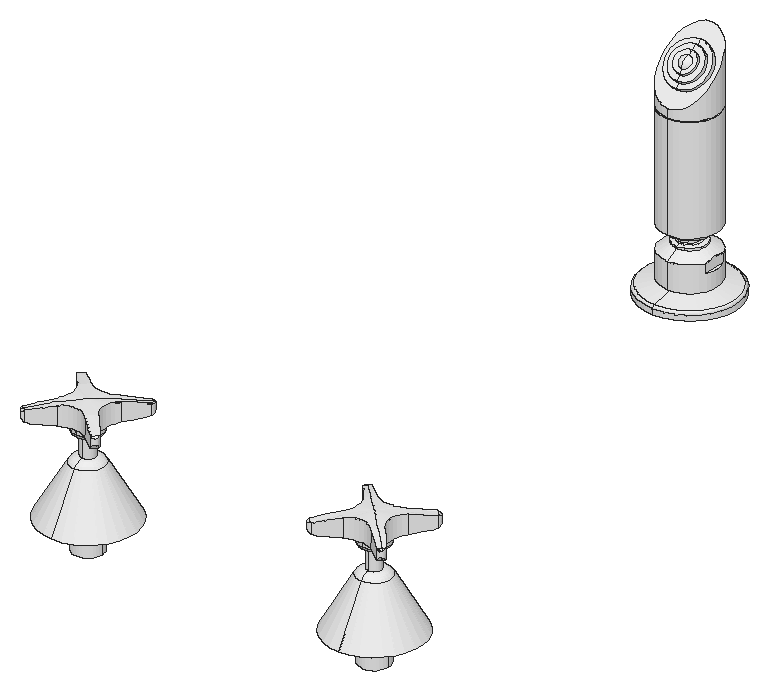
Revit family "Tap-Shower Set-Caroma Elegance II2", category Plumbing Fixtures, host Face, Revit 2013
Parameters (values of type "Standard")
  Waste Connection = no
  Vent Connection = no
  URL = "http://www.caroma.com.au/"
  Type Comments = "Caroma Elegance II Shower Set"  # constant formula
  Model = "631174C3A"  # constant formula
  Material_ANZRS = Metal-Chrome-Caroma
  Manufacturer = "GWA Bathrooms & Kitchens"  # constant formula
  HWFU = 2  # constant formula
  HW Connection = yes
  Description = "WELS 3 Star rated, 9L/min"  # constant formula
  Default Elevation = 1800 mm
  CreatedBy_ANZRS = "Design Content"  # constant formula
  CreatedByURL_ANZRS = "www.designcontent.com.au"
  Cost = 0
  Connector Radius = 10 mm
  CWFU = 2  # constant formula
  CW Connection = yes
  Assembly Code = "C1030210"
Reference planes
  plane 1 "Center (Front/Back)": y = 0
  plane 2: z = 0
  plane 3 "Center (Left/Right)": x = 0
  plane 4 "Hot": x = -100
  plane 5 "Cold": x = 100
  plane 6 "Head": y = 400
Forms (mm)
  Extrusion 1, solid, material "Metal-Chrome-Caroma" <- "Material_ANZRS"
    sketch origin (-50, 0, 0) x (1, 0, 0) y (0, 1, 0)
      loop
        circle (-50, 0) r 10
    from -20 to 0
  Extrusion 2, solid, material "Metal-Chrome-Caroma" <- "Material_ANZRS"
    sketch origin (50, 0, 0) x (-1, 0, 0) y (0, -1, 0)
      loop
        circle (-50, 0) r 10
    from -20 to 0
  Revolve 3, solid, material "Metal-Chrome-Caroma" <- "Material_ANZRS"
    sketch origin (-100, -22.904, 1219.2) x (0, 1, 0) y (0, 0, 1)
      loop
        line (22.904, -1219.2) -> (54.307, -1219.2) -> (34.094, -1184.19)
        arc (34.094, -1184.19) -> (31.375, -1181.389) -> (27.654, -1180.211) r 7.986
        line (27.654, -1180.211) -> (27.654, -1165.231) -> (31.393, -1165.231)
        arc (31.393, -1165.231) -> (32.415, -1164.828) -> (32.889, -1163.837) r 1.499
        line (32.889, -1163.837) -> (33.441, -1155.935) -> (22.904, -1155.935) -> (22.904, -1219.2)
      axis (22.904, -1219.2) -> (22.904, -1155.935)
    angle from 0 to 360
  Revolve 4, solid, material "Metal-Chrome-Caroma" <- "Material_ANZRS"
    sketch origin (100, 30, 1219.2) x (0, 1, 0) y (0, 0, 1)
      loop
        line (-30, -1219.2) -> (1.404, -1219.2) -> (-18.809, -1184.19)
        arc (-18.809, -1184.19) -> (-21.528, -1181.389) -> (-25.25, -1180.211) r 7.986
        line (-25.25, -1180.211) -> (-25.25, -1165.231) -> (-21.511, -1165.231)
        arc (-21.511, -1165.231) -> (-20.488, -1164.828) -> (-20.015, -1163.837) r 1.499
        line (-20.015, -1163.837) -> (-19.462, -1155.935) -> (-30, -1155.935) -> (-30, -1219.2)
      axis (-30, -1219.2) -> (-30, -1155.935)
    angle from 0 to 360
  Revolve 5, solid, material "Metal-Chrome-Caroma" <- "Material_ANZRS"
    sketch origin (-50, 50, 7.5) x (-0.707107, -0.707107, 0) y (0, 0, 1)
      loop
        line (70.711, 50.608) -> (70.711, 66.5)
        arc (70.711, 66.5) -> (52.897, 65.564) -> (35.28, 62.767) r 170
        arc (35.28, 62.767) -> (33.687, 61.728) -> (33.203, 59.889) r 2.645
        arc (33.203, 59.889) -> (34.913, 56.303) -> (38.48, 54.551) r 6.049
        line (38.48, 54.551) -> (70.711, 50.608)
      axis (70.711, 50.608) -> (70.711, 66.5)
    angle from 0 to 360
  Extrusion 6, void
    sketch origin (0, 0, 0) x (1, 0, 0) y (0, 1, 0)
      loop
        line (-122.824, -26.357) -> (-109.787, -15.133)
        arc (-109.787, -15.133) -> (-100, -11.5) -> (-90.213, -15.133) r 15
        line (-90.213, -15.133) -> (-77.176, -26.357)
        arc (-77.176, -26.357) -> (-73.77, -26.23) -> (-73.643, -22.824) r 2.505
        line (-73.643, -22.824) -> (-84.867, -9.787)
        arc (-84.867, -9.787) -> (-88.5, 0) -> (-84.867, 9.787) r 15
        line (-84.867, 9.787) -> (-73.643, 22.824)
        arc (-73.643, 22.824) -> (-73.77, 26.23) -> (-77.176, 26.357) r 2.505
        line (-77.176, 26.357) -> (-90.213, 15.133)
        arc (-90.213, 15.133) -> (-100, 11.5) -> (-109.787, 15.133) r 15
        line (-109.787, 15.133) -> (-122.824, 26.357)
        arc (-122.824, 26.357) -> (-126.23, 26.23) -> (-126.357, 22.824) r 2.505
        line (-126.357, 22.824) -> (-115.133, 9.787)
        arc (-115.133, 9.787) -> (-111.5, 0) -> (-115.133, -9.787) r 15
        line (-115.133, -9.787) -> (-126.357, -22.824)
        arc (-126.357, -22.824) -> (-126.23, -26.23) -> (-122.824, -26.357) r 2.505
      loop
        circle (-100, 0) r 44.623
      loop
        arc (122.824, -26.357) -> (126.23, -26.23) -> (126.357, -22.824) r 2.505
        line (126.357, -22.824) -> (115.133, -9.787)
        arc (115.133, -9.787) -> (111.5, 0) -> (115.133, 9.787) r 15
        line (115.133, 9.787) -> (126.357, 22.824)
        arc (126.357, 22.824) -> (126.23, 26.23) -> (122.824, 26.357) r 2.505
        line (122.824, 26.357) -> (109.787, 15.133)
        arc (109.787, 15.133) -> (100, 11.5) -> (90.213, 15.133) r 15
        line (90.213, 15.133) -> (77.176, 26.357)
        arc (77.176, 26.357) -> (73.77, 26.23) -> (73.643, 22.824) r 2.505
        line (73.643, 22.824) -> (84.867, 9.787)
        arc (84.867, 9.787) -> (88.5, 0) -> (84.867, -9.787) r 15
        line (84.867, -9.787) -> (73.643, -22.824)
        arc (73.643, -22.824) -> (73.77, -26.23) -> (77.176, -26.357) r 2.505
        line (77.176, -26.357) -> (90.213, -15.133)
        arc (90.213, -15.133) -> (100, -11.5) -> (109.787, -15.133) r 15
        line (109.787, -15.133) -> (122.824, -26.357)
      loop
        circle (100, 0) r 44.623
    from 50 to 100
  Revolve 7, solid, material "Metal-Chrome-Caroma" <- "Material_ANZRS"
    sketch origin (50, 50, 7.5) x (0.707107, -0.707107, 0) y (0, 0, -1)
      loop
        line (70.711, -50.608) -> (38.48, -54.551)
        arc (38.48, -54.551) -> (34.913, -56.303) -> (33.203, -59.889) r 6.049
        arc (33.203, -59.889) -> (33.687, -61.728) -> (35.28, -62.767) r 2.645
        arc (35.28, -62.767) -> (52.897, -65.564) -> (70.711, -66.5) r 170
        line (70.711, -66.5) -> (70.711, -50.608)
      axis (70.711, -50.608) -> (70.711, -66.5)
    angle from 0 to 360
  Revolve 8, solid, material "Metal-Chrome-Caroma" <- "Material_ANZRS"
    sketch origin (0, 0, 0) x (0, 1, 0) y (0, 0, 1)
      loop
        line (400, 0) -> (431.981, 0) -> (431.981, 3.581)
        arc (431.981, 3.581) -> (431.607, 4.744) -> (430.625, 5.471) r 1.994
        arc (430.625, 5.471) -> (420.817, 8.238) -> (410.779, 10) r 100.701
        line (410.779, 10) -> (418.975, 10) -> (418.975, 27.675) -> (410.956, 32.305) -> (410.956, 33.5) -> (408.253, 34.224)
        arc (408.253, 34.224) -> (407.703, 34.592) -> (407.49, 35.219) r 1.03
        line (407.49, 35.219) -> (407.49, 36.756)
        arc (407.49, 36.756) -> (407.596, 37.209) -> (407.893, 37.569) r 1.023
        arc (407.893, 37.569) -> (409.627, 39.157) -> (411.048, 41.03) r 13.067
        line (411.048, 41.03) -> (414.5, 41.03) -> (415.478, 41.595)
        arc (415.478, 41.595) -> (415.86, 41.977) -> (416, 42.498) r 1.043
        line (416, 42.498) -> (416, 44.03) -> (418.975, 44.03) -> (418.975, 116.638) -> (417.975, 116.638) -> (417.975, 117.638) -> (419, 117.638) -> (419, 165) -> (400, 165) -> (400, 0)
      axis (400, 0) -> (400, 165)
    angle from 0 to 360
  Extrusion 9, void
    sketch origin (0, 0, 0) x (0, 1, 0) y (0, 0, 1)
      loop
        line (425.989, 168.019) -> (375.989, 168.019) -> (375.989, 118.019) -> (425.989, 168.019)
    from -100 to 100
  Extrusion 10, void
    sketch origin (0, 400, 0) x (-1, 0, 0) y (0, 0, 1)
      loop
        line (20.187, 20.8) -> (20.187, 29.447) -> (17.231, 29.447) -> (17.231, 21.8)
        arc (17.231, 21.8) -> (17.524, 21.093) -> (18.231, 20.8) r 1
        line (18.231, 20.8) -> (20.187, 20.8)
      loop
        line (-20.187, 20.8) -> (-18.231, 20.8)
        arc (-18.231, 20.8) -> (-17.524, 21.093) -> (-17.231, 21.8) r 1
        line (-17.231, 21.8) -> (-17.231, 29.447) -> (-20.187, 29.447) -> (-20.187, 20.8)
    from -50 to 50
  Revolve 11, solid, material "Metal-Chrome-Caroma" <- "Material_ANZRS", detail levels fine
    sketch origin (0, 0, 0) x (0, 1, 0) y (0, 0, 1)
      loop
        line (400.018, 142.048) -> (410.805, 152.835) -> (409.391, 154.249) -> (406.737, 151.596) -> (405.323, 153.01) -> (402.491, 150.178) -> (401.429, 151.24) -> (399.12, 148.931)
        arc (399.12, 148.931) -> (396.754, 148.611) -> (394.741, 147.326) r 5.544
        line (394.741, 147.326) -> (400.018, 142.048)
      axis (400.018, 142.048) -> (394.741, 147.326)
    angle from 0 to 360
Cuts and joins
  Extrusion 6 cuts Revolve 5
  Extrusion 6 cuts Revolve 7
  joined: Revolve 3, Revolve 4, Revolve 5, Revolve 7
  Extrusion 9, Extrusion 10 cuts Revolve 8
Lines and regions (mm)
  Masking region 1
    outline origin (0, 0, 0) x (1, 0, 0) y (0, 1, 0)
      loop
        arc (-122.824, 26.357) -> (-126.23, 26.23) -> (-126.357, 22.824) r 2.505
        line (-126.357, 22.824) -> (-123.84, 19.901)
        arc (-123.84, 19.901) -> (-131.055, 0) -> (-123.84, -19.901) r 31.055
        line (-123.84, -19.901) -> (-126.357, -22.824)
        arc (-126.357, -22.824) -> (-126.23, -26.23) -> (-122.824, -26.357) r 2.505
        line (-122.824, -26.357) -> (-119.901, -23.84)
        arc (-119.901, -23.84) -> (-100, -31.055) -> (-80.099, -23.84) r 31.055
        line (-80.099, -23.84) -> (-77.176, -26.357)
        arc (-77.176, -26.357) -> (-73.77, -26.23) -> (-73.643, -22.824) r 2.505
        line (-73.643, -22.824) -> (-76.16, -19.901)
        arc (-76.16, -19.901) -> (-68.945, 0) -> (-76.16, 19.901) r 31.055
        line (-76.16, 19.901) -> (-73.643, 22.824)
        arc (-73.643, 22.824) -> (-73.77, 26.23) -> (-77.176, 26.357) r 2.505
        line (-77.176, 26.357) -> (-80.099, 23.84)
        arc (-80.099, 23.84) -> (-100, 31.055) -> (-119.901, 23.84) r 31.055
        line (-119.901, 23.84) -> (-122.824, 26.357)
      loop
        line (122.824, 26.357) -> (119.901, 23.84)
        arc (119.901, 23.84) -> (100, 31.055) -> (80.099, 23.84) r 31.055
        line (80.099, 23.84) -> (77.176, 26.357)
        arc (77.176, 26.357) -> (73.77, 26.23) -> (73.643, 22.824) r 2.505
        line (73.643, 22.824) -> (76.16, 19.901)
        arc (76.16, 19.901) -> (68.945, 0) -> (76.16, -19.901) r 31.055
        line (76.16, -19.901) -> (73.643, -22.824)
        arc (73.643, -22.824) -> (73.77, -26.23) -> (77.176, -26.357) r 2.505
        line (77.176, -26.357) -> (80.099, -23.84)
        arc (80.099, -23.84) -> (100, -31.055) -> (119.901, -23.84) r 31.055
        line (119.901, -23.84) -> (122.824, -26.357)
        arc (122.824, -26.357) -> (126.23, -26.23) -> (126.357, -22.824) r 2.505
        line (126.357, -22.824) -> (123.84, -19.901)
        arc (123.84, -19.901) -> (131.055, 0) -> (123.84, 19.901) r 31.055
        line (123.84, 19.901) -> (126.357, 22.824)
        arc (126.357, 22.824) -> (126.23, 26.23) -> (122.824, 26.357) r 2.505
      loop
        circle (0, 400) r 31.981
  Masking region 2
    outline origin (0, 0, 0) x (0, 1, 0) y (0, 0, 1)
      loop
        line (9.985, 55.363) -> (10.169, 57.994)
        arc (10.169, 57.994) -> (10.691, 59.243) -> (11.864, 59.917) r 2.11
        arc (11.864, 59.917) -> (17.325, 60.983) -> (22.791, 62.02) r 1050.062
        arc (22.791, 62.02) -> (25.592, 63.497) -> (27.066, 66.299) r 5.348
        arc (27.066, 66.299) -> (27.171, 66.963) -> (27.237, 67.632) r 11.849
        arc (27.237, 67.632) -> (26.841, 69.12) -> (25.615, 70.05) r 2.37
        arc (25.615, 70.05) -> (17.624, 72.258) -> (9.456, 73.678) r 85.106
        arc (9.456, 73.678) -> (-0.022, 74.4) -> (-9.5, 73.672) r 62.29
        arc (-9.5, 73.672) -> (-17.645, 72.253) -> (-25.615, 70.05) r 85.106
        arc (-25.615, 70.05) -> (-26.841, 69.12) -> (-27.237, 67.632) r 2.37
        arc (-27.237, 67.632) -> (-27.171, 66.963) -> (-27.066, 66.299) r 11.849
        arc (-27.066, 66.299) -> (-25.592, 63.497) -> (-22.791, 62.02) r 5.348
        arc (-22.791, 62.02) -> (-17.325, 60.983) -> (-11.864, 59.917) r 1050.062
        arc (-11.864, 59.917) -> (-10.691, 59.243) -> (-10.169, 57.994) r 2.11
        line (-10.169, 57.994) -> (-9.985, 55.363)
        arc (-9.985, 55.363) -> (-9.512, 54.372) -> (-8.489, 53.969) r 1.499
        line (-8.489, 53.969) -> (-4.75, 53.969) -> (-4.75, 38.989)
        arc (-4.75, 38.989) -> (-8.472, 37.811) -> (-11.191, 35.01) r 7.986
        line (-11.191, 35.01) -> (-31.404, 0) -> (31.404, 0) -> (11.191, 35.01)
        arc (11.191, 35.01) -> (8.472, 37.811) -> (4.75, 38.989) r 7.986
        line (4.75, 38.989) -> (4.75, 53.969) -> (8.489, 53.969)
        arc (8.489, 53.969) -> (9.512, 54.372) -> (9.985, 55.363) r 1.499
      loop
        line (368.019, 0) -> (431.981, 0) -> (431.981, 3.581)
        arc (431.981, 3.581) -> (431.607, 4.744) -> (430.625, 5.471) r 1.994
        arc (430.625, 5.471) -> (420.817, 8.238) -> (410.779, 10) r 100.701
        line (410.779, 10) -> (418.975, 10) -> (418.975, 27.675) -> (410.956, 32.305) -> (410.956, 33.5) -> (408.253, 34.224)
        arc (408.253, 34.224) -> (407.703, 34.592) -> (407.49, 35.219) r 1.03
        line (407.49, 35.219) -> (407.49, 36.756)
        arc (407.49, 36.756) -> (407.596, 37.209) -> (407.893, 37.569) r 1.023
        arc (407.893, 37.569) -> (409.627, 39.157) -> (411.048, 41.03) r 13.067
        line (411.048, 41.03) -> (414.5, 41.03) -> (415.478, 41.595)
        arc (415.478, 41.595) -> (415.86, 41.977) -> (416, 42.498) r 1.043
        line (416, 42.498) -> (416, 44.03) -> (418.975, 44.03) -> (418.975, 116.638) -> (417.975, 116.638) -> (417.975, 117.638) -> (419, 117.638) -> (419, 161.03) -> (410.805, 152.835) -> (409.391, 154.249) -> (406.737, 151.596) -> (405.323, 153.01) -> (402.491, 150.178) -> (401.429, 151.24) -> (399.12, 148.931)
        arc (399.12, 148.931) -> (394.736, 147.331) -> (393.136, 142.947) r 5.532
        line (393.136, 142.947) -> (390.827, 140.638) -> (391.889, 139.576) -> (389.057, 136.744) -> (390.471, 135.33) -> (387.818, 132.676) -> (389.232, 131.262) -> (381, 123.03) -> (381, 117.638) -> (382.025, 117.638) -> (382.025, 116.638) -> (381.025, 116.638) -> (381.025, 44.03) -> (384, 44.03) -> (384, 42.498)
        arc (384, 42.498) -> (384.14, 41.977) -> (384.522, 41.595) r 1.043
        line (384.522, 41.595) -> (385.5, 41.03) -> (388.952, 41.03)
        arc (388.952, 41.03) -> (390.373, 39.157) -> (392.107, 37.569) r 13.067
        arc (392.107, 37.569) -> (392.404, 37.209) -> (392.51, 36.756) r 1.023
        line (392.51, 36.756) -> (392.51, 35.219)
        arc (392.51, 35.219) -> (392.297, 34.592) -> (391.747, 34.224) r 1.03
        line (391.747, 34.224) -> (389.044, 33.5) -> (389.044, 32.305) -> (381.025, 27.675) -> (381.025, 10) -> (389.221, 10)
        arc (389.221, 10) -> (379.183, 8.238) -> (369.375, 5.471) r 100.701
        arc (369.375, 5.471) -> (368.393, 4.744) -> (368.019, 3.581) r 1.994
        line (368.019, 3.581) -> (368.019, 0)
  Masking region 3
    outline origin (0, 0, 0) x (1, 0, 0) y (0, 0, 1)
      loop
        arc (-109.985, 55.363) -> (-109.512, 54.372) -> (-108.489, 53.969) r 1.499
        line (-108.489, 53.969) -> (-104.75, 53.969) -> (-104.75, 38.989)
        arc (-104.75, 38.989) -> (-108.472, 37.811) -> (-111.191, 35.01) r 7.986
        line (-111.191, 35.01) -> (-131.404, 0) -> (-68.596, 0) -> (-88.809, 35.01)
        arc (-88.809, 35.01) -> (-91.528, 37.811) -> (-95.25, 38.989) r 7.986
        line (-95.25, 38.989) -> (-95.25, 53.969) -> (-91.511, 53.969)
        arc (-91.511, 53.969) -> (-90.488, 54.372) -> (-90.015, 55.363) r 1.499
        line (-90.015, 55.363) -> (-89.831, 57.994)
        arc (-89.831, 57.994) -> (-89.309, 59.243) -> (-88.136, 59.917) r 2.11
        arc (-88.136, 59.917) -> (-82.675, 60.983) -> (-77.209, 62.02) r 1050.062
        arc (-77.209, 62.02) -> (-74.408, 63.497) -> (-72.934, 66.299) r 5.348
        arc (-72.934, 66.299) -> (-72.829, 66.963) -> (-72.763, 67.632) r 11.849
        arc (-72.763, 67.632) -> (-73.159, 69.12) -> (-74.385, 70.05) r 2.37
        arc (-74.385, 70.05) -> (-82.355, 72.253) -> (-90.5, 73.672) r 85.106
        arc (-90.5, 73.672) -> (-99.978, 74.4) -> (-109.456, 73.678) r 62.29
        arc (-109.456, 73.678) -> (-117.624, 72.258) -> (-125.615, 70.05) r 85.106
        arc (-125.615, 70.05) -> (-126.841, 69.12) -> (-127.237, 67.632) r 2.37
        arc (-127.237, 67.632) -> (-127.171, 66.963) -> (-127.066, 66.299) r 11.849
        arc (-127.066, 66.299) -> (-125.592, 63.497) -> (-122.791, 62.02) r 5.348
        arc (-122.791, 62.02) -> (-117.325, 60.983) -> (-111.864, 59.917) r 1050.062
        arc (-111.864, 59.917) -> (-110.691, 59.243) -> (-110.169, 57.994) r 2.11
        line (-110.169, 57.994) -> (-109.985, 55.363)
      loop
        line (109.985, 55.363) -> (110.169, 57.994)
        arc (110.169, 57.994) -> (110.691, 59.243) -> (111.864, 59.917) r 2.11
        arc (111.864, 59.917) -> (117.325, 60.983) -> (122.791, 62.02) r 1050.062
        arc (122.791, 62.02) -> (125.592, 63.497) -> (127.066, 66.299) r 5.348
        arc (127.066, 66.299) -> (127.171, 66.963) -> (127.237, 67.632) r 11.849
        arc (127.237, 67.632) -> (126.841, 69.12) -> (125.615, 70.05) r 2.37
        arc (125.615, 70.05) -> (117.624, 72.258) -> (109.456, 73.678) r 85.106
        arc (109.456, 73.678) -> (99.978, 74.4) -> (90.5, 73.672) r 62.29
        arc (90.5, 73.672) -> (82.355, 72.253) -> (74.385, 70.05) r 85.106
        arc (74.385, 70.05) -> (73.159, 69.12) -> (72.763, 67.632) r 2.37
        arc (72.763, 67.632) -> (72.829, 66.963) -> (72.934, 66.299) r 11.849
        arc (72.934, 66.299) -> (74.408, 63.497) -> (77.209, 62.02) r 5.348
        arc (77.209, 62.02) -> (82.675, 60.983) -> (88.136, 59.917) r 1050.062
        arc (88.136, 59.917) -> (89.309, 59.243) -> (89.831, 57.994) r 2.11
        line (89.831, 57.994) -> (90.015, 55.363)
        arc (90.015, 55.363) -> (90.488, 54.372) -> (91.511, 53.969) r 1.499
        line (91.511, 53.969) -> (95.25, 53.969) -> (95.25, 38.989)
        arc (95.25, 38.989) -> (91.528, 37.811) -> (88.809, 35.01) r 7.986
        line (88.809, 35.01) -> (68.596, 0) -> (131.404, 0) -> (111.191, 35.01)
        arc (111.191, 35.01) -> (108.472, 37.811) -> (104.75, 38.989) r 7.986
        line (104.75, 38.989) -> (104.75, 53.969) -> (108.489, 53.969)
        arc (108.489, 53.969) -> (109.512, 54.372) -> (109.985, 55.363) r 1.499
      loop
        line (0, 0) -> (31.981, 0) -> (31.981, 3.581)
        arc (31.981, 3.581) -> (31.607, 4.744) -> (30.625, 5.471) r 1.994
        arc (30.625, 5.471) -> (20.817, 8.238) -> (10.779, 10) r 100.701
        line (10.779, 10) -> (18.975, 10) -> (18.975, 20.794) -> (17.231, 20.794) -> (17.231, 28.682) -> (10.956, 32.305) -> (10.956, 33.5) -> (8.253, 34.224)
        arc (8.253, 34.224) -> (7.703, 34.592) -> (7.49, 35.219) r 1.03
        line (7.49, 35.219) -> (7.49, 36.756)
        arc (7.49, 36.756) -> (7.596, 37.209) -> (7.893, 37.569) r 1.023
        arc (7.893, 37.569) -> (9.627, 39.157) -> (11.048, 41.03) r 13.067
        line (11.048, 41.03) -> (14.5, 41.03) -> (15.478, 41.595)
        arc (15.478, 41.595) -> (15.86, 41.977) -> (16, 42.498) r 1.043
        line (16, 42.498) -> (16, 44.03) -> (18.975, 44.03) -> (18.975, 116.638) -> (17.975, 116.638) -> (17.975, 117.638) -> (19, 117.638) -> (19, 142.03)
        arc (19, 142.03) -> (0, 161.03) -> (-19, 142.03) r 19
        line (-19, 142.03) -> (-19, 117.638) -> (-17.975, 117.638) -> (-17.975, 116.638) -> (-18.975, 116.638) -> (-18.975, 44.03) -> (-16, 44.03) -> (-16, 42.498)
        arc (-16, 42.498) -> (-15.86, 41.977) -> (-15.478, 41.595) r 1.043
        line (-15.478, 41.595) -> (-14.5, 41.03) -> (-11.048, 41.03)
        arc (-11.048, 41.03) -> (-9.627, 39.157) -> (-7.893, 37.569) r 13.067
        arc (-7.893, 37.569) -> (-7.596, 37.209) -> (-7.49, 36.756) r 1.023
        line (-7.49, 36.756) -> (-7.49, 35.219)
        arc (-7.49, 35.219) -> (-7.703, 34.592) -> (-8.253, 34.224) r 1.03
        line (-8.253, 34.224) -> (-10.956, 33.5) -> (-10.956, 32.305) -> (-17.231, 28.682) -> (-17.231, 20.794) -> (-18.975, 20.794) -> (-18.975, 10) -> (-10.779, 10)
        arc (-10.779, 10) -> (-20.817, 8.238) -> (-30.625, 5.471) r 100.701
        arc (-30.625, 5.471) -> (-31.607, 4.744) -> (-31.981, 3.581) r 1.994
        line (-31.981, 3.581) -> (-31.981, 0) -> (0, 0)
  symbolic lines
    curve 1: arc (-109.787, 15.133, 0) -> (-100, 11.5, 0) -> (-90.213, 15.133, 0) r 15
    curve 2: line (-122.824, 26.357, 0) -> (-109.787, 15.133, 0)
    curve 3: line (-90.213, 15.133, 0) -> (-77.176, 26.357, 0)
    curve 4: line (-73.643, 22.824, 0) -> (-84.867, 9.787, 0)
    curve 5: arc (-84.867, 9.787, 0) -> (-88.5, 0, 0) -> (-84.867, -9.787, 0) r 15
    curve 6: line (-84.867, -9.787, 0) -> (-73.643, -22.824, 0)
    curve 7: line (-77.176, -26.357, 0) -> (-90.213, -15.133, 0)
    curve 8: arc (-90.213, -15.133, 0) -> (-100, -11.5, 0) -> (-109.787, -15.133, 0) r 15
    curve 9: line (-109.787, -15.133, 0) -> (-122.824, -26.357, 0)
    curve 10: line (-126.357, -22.824, 0) -> (-115.133, -9.787, 0)
    curve 11: arc (-115.133, -9.787, 0) -> (-111.5, 0, 0) -> (-115.133, 9.787, 0) r 15
    curve 12: line (-115.133, 9.787, 0) -> (-126.357, 22.824, 0)
    curve 13: line (90.213, 15.133, 0) -> (77.176, 26.357, 0)
    curve 14: line (73.643, 22.824, 0) -> (84.867, 9.787, 0)
    curve 15: arc (84.867, 9.787, 0) -> (88.5, 0, 0) -> (84.867, -9.787, 0) r 15
    curve 16: line (84.867, -9.787, 0) -> (73.643, -22.824, 0)
    curve 17: line (77.176, -26.357, 0) -> (90.213, -15.133, 0)
    curve 18: arc (90.213, -15.133, 0) -> (100, -11.5, 0) -> (109.787, -15.133, 0) r 15
    curve 19: line (109.787, -15.133, 0) -> (122.824, -26.357, 0)
    curve 20: line (126.357, -22.824, 0) -> (115.133, -9.787, 0)
    curve 21: arc (115.133, -9.787, 0) -> (111.5, 0, 0) -> (115.133, 9.787, 0) r 15
    curve 22: line (115.133, 9.787, 0) -> (126.357, 22.824, 0)
    curve 23: arc (109.787, 15.133, 0) -> (100, 11.5, 0) -> (90.213, 15.133, 0) r 15
    curve 24: line (122.824, 26.357, 0) -> (109.787, 15.133, 0)
    curve 25: line (0, 8.489, 53.969) -> (0, -8.489, 53.969)
    curve 26: line (0, -4.75, 53.969) -> (0, -4.75, 38.989)
    curve 27: line (0, 4.75, 53.969) -> (0, 4.75, 38.989)
    curve 28: arc (0, 8.489, 53.969) -> (0, 9.512, 54.372) -> (0, 9.985, 55.363) r 1.499
    curve 29: arc (0, -9.985, 55.363) -> (0, -9.512, 54.372) -> (0, -8.489, 53.969) r 1.499
    curve 30: arc (0, 9.456, 73.678) -> (0, -0.022, 74.4) -> (0, -9.5, 73.672) r 62.29
    curve 31: line (-104.75, 0, 38.989) -> (-95.263, 0, 38.989)
    curve 32: line (-104.75, 0, 53.969) -> (-95.25, 0, 53.969)
    curve 33: line (95.25, 0, 53.969) -> (104.75, 0, 53.969)
    curve 34: line (95.25, 0, 38.989) -> (104.75, 0, 38.989)
    curve 35: line (0, 4.75, 38.989) -> (0, -4.75, 38.989)
    curve 36: arc (0, 419, 0) -> (-19, 400, 0) -> (0, 381, 0) r 19
    curve 37: arc (0, 381, 0) -> (19, 400, 0) -> (0, 419, 0) r 19
    curve 38: spline (0, 409.391, 0) -> (3.948, 409.023, 0) -> (7.627, 407.946, 0) -> (10.786, 406.231, 0) -> (13.211, 403.997, 0) -> (14.735, 401.396, 0) -> (15.254, 398.604, 0) -> (14.735, 395.812, 0) -> (13.211, 393.211, 0) -> (10.786, 390.977, 0) -> (7.627, 389.263, 0) -> (3.948, 388.185, 0) -> (0, 387.818, 0)
    curve 39: spline (0, 387.818, 0) -> (-3.948, 388.185, 0) -> (-7.627, 389.263, 0) -> (-10.786, 390.977, 0) -> (-13.211, 393.211, 0) -> (-14.735, 395.812, 0) -> (-15.254, 398.604, 0) -> (-14.735, 401.396, 0) -> (-13.211, 403.997, 0) -> (-10.786, 406.231, 0) -> (-7.627, 407.946, 0) -> (-3.948, 409.023, 0) -> (0, 409.391, 0)
    curve 40: spline (15.222, 399.311, 0) -> (14.945, 402.18, 0) -> (13.606, 404.896, 0) -> (11.3, 407.265, 0) -> (8.19, 409.118, 0) -> (4.499, 410.325, 0) -> (0.487, 410.799, 0) -> (-3.559, 410.507, 0) -> (-7.352, 409.47, 0) -> (-10.622, 407.76, 0) -> (-13.137, 405.5, 0) -> (-14.719, 402.851, 0) -> (-15.254, 400, 0)
    curve 41: spline (-11.458, 397.897, 0) -> (-11.296, 400.134, 0) -> (-10.278, 402.255, 0) -> (-8.479, 404.099, 0) -> (-6.037, 405.527, 0) -> (-3.138, 406.429, 0) -> (0, 406.737, 0) -> (3.138, 406.429, 0) -> (6.037, 405.527, 0) -> (8.479, 404.099, 0) -> (10.278, 402.255, 0) -> (11.296, 400.134, 0) -> (11.458, 397.897, 0)
    curve 42: spline (-11.458, 397.897, 0) -> (-10.837, 399.914, 0) -> (-9.518, 401.756, 0) -> (-7.585, 403.304, 0) -> (-5.163, 404.457, 0) -> (-2.409, 405.142, 0) -> (0.5, 405.315, 0) -> (3.378, 404.964, 0) -> (6.037, 404.112, 0) -> (8.308, 402.814, 0) -> (10.043, 401.154, 0) -> (11.131, 399.238, 0) -> (11.502, 397.19, 0)
    curve 43: spline (-7.496, 397.19, 0) -> (-7.241, 398.562, 0) -> (-6.492, 399.84, 0) -> (-5.301, 400.938, 0) -> (-3.748, 401.781, 0) -> (-1.94, 402.31, 0) -> (0, 402.491, 0) -> (1.94, 402.31, 0) -> (3.748, 401.781, 0) -> (5.301, 400.938, 0) -> (6.492, 399.84, 0) -> (7.241, 398.562, 0) -> (7.496, 397.19, 0)
    curve 44: spline (0, 390.827, 0) -> (-1.94, 391.008, 0) -> (-3.748, 391.537, 0) -> (-5.301, 392.38, 0) -> (-6.492, 393.478, 0) -> (-7.241, 394.756, 0) -> (-7.496, 396.128, 0) -> (-7.241, 397.5, 0) -> (-6.492, 398.778, 0) -> (-5.301, 399.876, 0) -> (-3.748, 400.719, 0) -> (-1.94, 401.248, 0) -> (0, 401.429, 0)
    curve 45: spline (0, 393.136, 0) -> (-1.095, 393.238, 0) -> (-2.116, 393.537, 0) -> (-2.992, 394.012, 0) -> (-3.664, 394.632, 0) -> (-4.087, 395.354, 0) -> (-4.231, 396.128, 0) -> (-4.087, 396.902, 0) -> (-3.664, 397.624, 0) -> (-2.992, 398.244, 0) -> (-2.116, 398.719, 0) -> (-1.095, 399.018, 0) -> (0, 399.12, 0)
    curve 46: spline (0, 399.12, 0) -> (1.095, 399.018, 0) -> (2.116, 398.719, 0) -> (2.992, 398.244, 0) -> (3.664, 397.624, 0) -> (4.087, 396.902, 0) -> (4.231, 396.128, 0) -> (4.087, 395.354, 0) -> (3.664, 394.632, 0) -> (2.992, 394.012, 0) -> (2.116, 393.537, 0) -> (1.095, 393.238, 0) -> (0, 393.136, 0)
    curve 47: spline (0, 401.429, 0) -> (1.94, 401.248, 0) -> (3.748, 400.719, 0) -> (5.301, 399.876, 0) -> (6.492, 398.778, 0) -> (7.241, 397.5, 0) -> (7.496, 396.128, 0) -> (7.241, 394.756, 0) -> (6.492, 393.478, 0) -> (5.301, 392.38, 0) -> (3.748, 391.537, 0) -> (1.94, 391.008, 0) -> (0, 390.827, 0)
    curve 48: spline (11.502, 397.19, 0) -> (11.088, 395.028, 0) -> (9.876, 393.022, 0) -> (7.954, 391.315, 0) -> (5.459, 390.032, 0) -> (2.572, 389.263, 0) -> (-0.5, 389.065, 0) -> (-3.537, 389.451, 0) -> (-6.319, 390.394, 0) -> (-8.646, 391.827, 0) -> (-10.351, 393.645, 0) -> (-11.312, 395.718, 0) -> (-11.458, 397.897, 0)
    curve 49: line (18.975, 0, 44.03) -> (-18.975, 0, 44.03)
    curve 50: line (14.5, 0, 41.03) -> (-14.5, 0, 41.03)
    curve 51: line (10.956, 0, 33.5) -> (-10.956, 0, 33.5)
    curve 52: line (10.956, 0, 32.305) -> (-10.956, 0, 32.305)
    curve 53: line (17.231, 0, 27.675) -> (-17.231, 0, 27.675)
    curve 54: line (18.975, 0, 10) -> (-18.975, 0, 10)
    curve 55: line (19, 0, 117.138) -> (-19, 0, 117.138)
    curve 56: line (0, 418.975, 10) -> (0, 381.025, 10)
    curve 57: line (0, 407.946, 27.675) -> (0, 418.975, 27.675)
    curve 58: arc (0, 407.946, 27.675) -> (0, 400, 28.682) -> (0, 392.054, 27.675) r 31.859
    curve 59: line (0, 381.025, 27.675) -> (0, 392.054, 27.675)
    curve 60: line (0, 392.054, 27.675) -> (0, 392.054, 21.714)
    curve 61: spline (0, 392.054, 21.714) -> (0, 392.203, 21.547) -> (0, 392.365, 21.394) -> (0, 392.537, 21.256) -> (0, 392.72, 21.134) -> (0, 392.913, 21.029) -> (0, 393.112, 20.94) -> (0, 393.318, 20.87) -> (0, 393.529, 20.818) -> (0, 393.743, 20.785) -> (0, 393.96, 20.771) -> (0, 394.176, 20.776) -> (0, 394.392, 20.8)
    curve 62: line (0, 394.392, 20.8) -> (0, 405.622, 20.8)
    curve 63: spline (0, 405.622, 20.8) -> (0, 405.842, 20.78) -> (0, 406.063, 20.778) -> (0, 406.282, 20.794) -> (0, 406.498, 20.829) -> (0, 406.709, 20.881) -> (0, 406.914, 20.952) -> (0, 407.112, 21.039) -> (0, 407.301, 21.144) -> (0, 407.48, 21.264) -> (0, 407.648, 21.399) -> (0, 407.803, 21.548) -> (0, 407.946, 21.711)
    curve 64: line (0, 407.946, 21.711) -> (0, 407.946, 27.675)
    curve 65: line (0, 389.044, 32.305) -> (0, 410.956, 32.305)
    curve 66: line (0, 389.044, 33.5) -> (0, 410.956, 33.5)
    curve 67: line (0, 414.5, 41.03) -> (0, 385.5, 41.03)
    curve 68: line (0, 418.975, 44.03) -> (0, 381.025, 44.03)
    curve 69: line (0, 418.975, 116.638) -> (0, 381.025, 116.638)
    curve 70: line (0, 419, 117.638) -> (0, 381, 117.638)
    curve 71: line (0, 381, 123.03) -> (0, 419, 161.03)
    curve 72: line (0, 409.391, 154.249) -> (0, 387.818, 132.676)
    curve 73: line (0, 405.323, 153.01) -> (0, 389.057, 136.744)
    curve 74: line (0, 401.429, 151.24) -> (0, 390.827, 140.638)
Dimensions and locks
  aligned and locked: plane 2 to host face
  aligned and locked: level to host face
Connectors
  piping at (-100, 0, -20), driven by "Connector Radius", driven by "HWFU"
    settings: on Extrusion 1, index 1, connector radius 0.3937", flow factor 0, pipe flow 0 GPM, pressure drop 0.00 psi, fitting loss kfactor 0, connector angle 0.00°, fixture units 2, engagement length 0 mm, flow configuration 3, flow direction 1, fitting loss method 1, system type 19, joint type 0, gender type 0, connector reference index -1, connector utility 0, adjustable connector no, is connector primary yes, fitting loss table "Inward Projecting Pipe", connector description "Hot"
  piping at (100, 0, -20), driven by "Connector Radius", driven by "CWFU"
    settings: on Extrusion 2, index 2, connector radius 0.3937", flow factor 0, pipe flow 0 GPM, pressure drop 0.00 psi, fitting loss kfactor 0, connector angle 0.00°, fixture units 2, engagement length 0 mm, flow configuration 3, flow direction 1, fitting loss method 1, system type 20, joint type 0, gender type 0, connector reference index -1, connector utility 0, adjustable connector no, is connector primary no, fitting loss table "Inward Projecting Pipe", connector description "Cold Water Inlet"
